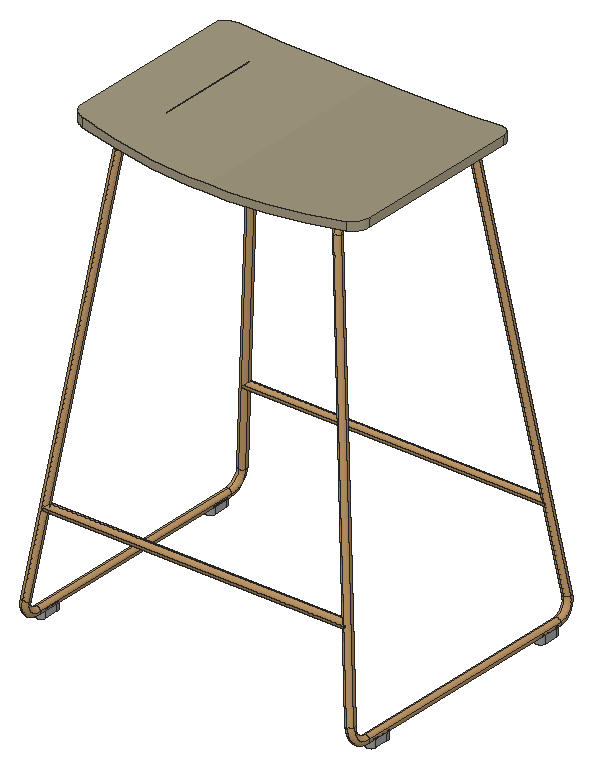
Revit family "FU_Stool_Sandler_Tao 4-1", category Furniture, Revit 2020
Family settings
  OmniClass Number = 23.40.20.00
  OmniClass Title = General Furniture and Specialties
  Work Plane-Based = No
  Always vertical = Yes
  Cut with Voids When Loaded = No
  Shared = No
  Room Calculation Point = No
Parameters (values of type "Tao 4.1")
  Width = 510 mm
  URL = "https://www.sandlerseating.com/product/tao-4-1/"
  Seat [instance] = Fabric - Mainline Flax - Tooting MLF17
  Model = "Tao 4.1"
  Manufacturer = "Sandler"
  Height = 680 mm
  Frame [instance] = Epoxy - M2_M38
  Description = "Upholstered counter stool with steel frame in chrome or lacquered finish. Upholstery available in cross, diamond or horizontal stitching at extra charge."
  Depth = 420 mm
  Default Elevation = 0 mm
Reference planes
  plane 1 "Center (Front/Back)": y = 0
  plane 2: z = 0
  plane 3 "Center (Left/Right)": x = 0
  plane 4 "Right": x = -255
  plane 5 "Left": x = 255
  plane 6 "Back": y = 210
  plane 7 "Front": y = -210
  plane 8 "Height": z = 680
  plane 9 "Frame C Base": z = 12.098
  plane 10 "Seat Base": z = 653.407
  plane 11 "BS C TOP": y = 172.622
  plane 12 "FS C TOP": y = -187.425
  plane 13 "FL C FRONT": through (246.736, -1524, 13.177) normal (-0.9914, 0, -0.1307)
Forms (mm)
  Sweep 1, solid, material "Fabric - Mainline Flax - Tooting MLF17" <- "Seat"
    path origin (0, 0, 653.407) x (-1, 0, 0) y (0, -1, 0)
      loop
        line (0, 179.804) -> (0, -165)
    profile "Pro_Tao_Seat : Pro_Tao_Seat" origin (0, -7.402, 653.407) x (-1, 0, 0) y (0, 0, 1)
      loop
        line (-231.362, 30.582) -> (-231.362, 18.333)
        arc (-231.362, 18.333) -> (0, 0) -> (231.362, 18.334) r 1469.024
        line (231.362, 18.334) -> (231.362, 30.582)
        arc (231.362, 30.582) -> (0, 12.103) -> (-231.362, 30.582) r 1457.593
  Sweep 2, solid, material "Epoxy - M2_M38" <- "Frame"
    path origin (0, -187.425, -126.522) x (-1, 0, 0) y (0, 0, 1)
      loop
        line (-227.5, 289.461) -> (227.5, 289.461)
    profile "Pro_Circles : 12mm" origin (0, -187.425, 162.939) x (0, 0, -1) y (0, -1, 0)
      loop
        arc (-5.967, 0.067) -> (-4.287, -4.192) -> (-0.067, -5.967) r 5.901
        arc (-0.067, -5.967) -> (4.24, -4.24) -> (5.967, 0.067) r 5.902
        arc (5.967, 0.067) -> (4.192, 4.286) -> (-0.067, 5.967) r 5.901
        arc (-0.067, 5.967) -> (-4.238, 4.238) -> (-5.967, 0.067) r 5.9
  Sweep 3, solid, material "Epoxy - M2_M38" <- "Frame"
    path origin (0, 187.426, -126.522) x (-1, 0, 0) y (0, 0, 1)
      loop
        line (-227.5, 289.461) -> (227.5, 289.461)
    profile "Pro_Circles : 12mm" origin (0, 187.426, 162.939) x (0, 0, 1) y (0, 1, 0)
      loop
        arc (5.967, 0.067) -> (4.238, 4.238) -> (0.067, 5.967) r 5.9
        arc (0.067, 5.967) -> (-4.192, 4.286) -> (-5.967, 0.067) r 5.901
        arc (-5.967, 0.067) -> (-4.24, -4.24) -> (0.067, -5.967) r 5.902
        arc (0.067, -5.967) -> (4.287, -4.192) -> (5.967, 0.067) r 5.901
  Extrusion 4, void
    sketch origin (0, 0, 653.407) x (-1, 0, 0) y (0, -1, 0)
      loop
        arc (216.834, 133.234) -> (210.563, 146.54) -> (197.426, 153.156) r 22.57
        arc (197.426, 153.156) -> (0, 166.465) -> (-197.426, 153.156) r 1470.945
        arc (-197.426, 153.156) -> (-210.563, 146.54) -> (-216.834, 133.234) r 22.57
        line (-216.834, 133.234) -> (-216.834, -118.431)
        arc (-216.834, -118.431) -> (-210.574, -131.725) -> (-197.457, -138.348) r 22.57
        arc (-197.457, -138.348) -> (0, -151.796) -> (197.457, -138.348) r 1456.276
        arc (197.457, -138.348) -> (210.574, -131.725) -> (216.834, -118.431) r 22.57
        line (216.834, -118.431) -> (216.834, 133.234)
      loop
        line (255, -210) -> (255, 210) -> (-255, 210) -> (-255, -210) -> (255, -210)
    from -5 to 40
  Extrusion 5, solid, material "Rubber, Black"
    sketch origin (0, 17.469, 0) x (1, 0, 0) y (0, 1, 0)
      loop
        arc (-240, -165.829) -> (-247.5, -158.329) -> (-255, -165.829) r 7.5
        line (-255, -165.829) -> (-255, -186.193)
        arc (-255, -186.193) -> (-247.5, -193.693) -> (-240, -186.193) r 7.5
        line (-240, -186.193) -> (-240, -165.829)
    from 0 to 12
  Extrusion 6, solid, material "Rubber, Black"
    sketch origin (0, 17.353, 0) x (-1, 0, 0) y (0, -1, 0)
      loop
        line (-240, 165.829) -> (-240, 186.193)
        arc (-240, 186.193) -> (-247.5, 193.693) -> (-255, 186.193) r 7.5
        line (-255, 186.193) -> (-255, 165.829)
        arc (-255, 165.829) -> (-247.5, 158.329) -> (-240, 165.829) r 7.5
    from 0 to 12
  Extrusion 7, solid, material "Rubber, Black"
    sketch origin (0, -2.436, 0) x (1, 0, 0) y (0, 1, 0)
      loop
        line (-240, 151.025) -> (-240, 171.39)
        arc (-240, 171.39) -> (-247.5, 178.89) -> (-255, 171.39) r 7.5
        line (-255, 171.39) -> (-255, 151.025)
        arc (-255, 151.025) -> (-247.5, 143.525) -> (-240, 151.025) r 7.5
    from 0 to 12
  Extrusion 8, solid, material "Rubber, Black"
    sketch origin (0, -2.436, 0) x (-1, 0, 0) y (0, -1, 0)
      loop
        arc (-240, -151.025) -> (-247.5, -143.525) -> (-255, -151.025) r 7.5
        line (-255, -151.025) -> (-255, -171.39)
        arc (-255, -171.39) -> (-247.5, -178.89) -> (-240, -171.39) r 7.5
        line (-240, -171.39) -> (-240, -151.025)
    from 0 to 12
  Sweep 9, solid, material "Epoxy - M2_M38" <- "Frame"
    path origin (244.227, 0, 32.204) x (0.130729, 0, -0.991418) y (0, -1, 0)
      loop
        arc (20.059, 179.232) -> (11.953, 197.215) -> (-6.889, 203.051) r 24
        line (-6.889, 203.051) -> (-613.143, 128.022)
        arc (-613.143, 128.022) -> (-625.672, 121.419) -> (-630.687, 108.174) r 20
        line (-630.687, 108.174) -> (-630.687, -108.174)
        arc (-630.687, -108.174) -> (-625.672, -121.419) -> (-613.143, -128.022) r 20
        line (-613.143, -128.022) -> (-6.889, -203.051)
        arc (-6.889, -203.051) -> (11.953, -197.215) -> (20.059, -179.232) r 24
        line (20.059, -179.232) -> (20.059, 179.232)
    profile "Pro_Circles : 12mm" origin (246.849, 0, 12.317) x (0.130729, 0, -0.991418) y (-0.991418, 0, -0.130729)
      loop
        arc (-5.967, 0.067) -> (-4.287, -4.192) -> (-0.067, -5.967) r 5.901
        arc (-0.067, -5.967) -> (4.24, -4.24) -> (5.967, 0.067) r 5.902
        arc (5.967, 0.067) -> (4.192, 4.286) -> (-0.067, 5.967) r 5.901
        arc (-0.067, 5.967) -> (-4.238, 4.238) -> (-5.967, 0.067) r 5.9
  Sweep 10, solid, material "Epoxy - M2_M38" <- "Frame"
    path origin (-244.227, 0, 32.204) x (-0.130729, 0, -0.991418) y (0, 1, 0)
      loop
        line (20.059, -179.232) -> (20.059, 179.232)
        arc (20.059, 179.232) -> (11.953, 197.215) -> (-6.889, 203.051) r 24
        line (-6.889, 203.051) -> (-613.143, 128.022)
        arc (-613.143, 128.022) -> (-625.672, 121.419) -> (-630.687, 108.174) r 20
        line (-630.687, 108.174) -> (-630.687, -108.174)
        arc (-630.687, -108.174) -> (-625.672, -121.419) -> (-613.143, -128.022) r 20
        line (-613.143, -128.022) -> (-6.889, -203.051)
        arc (-6.889, -203.051) -> (11.953, -197.215) -> (20.059, -179.232) r 24
    profile "Pro_Circles : 12mm" origin (-246.849, 0, 12.317) x (0.130729, 0, 0.991418) y (0.991418, 0, -0.130729)
      loop
        arc (5.967, 0.067) -> (4.238, 4.238) -> (0.067, 5.967) r 5.9
        arc (0.067, 5.967) -> (-4.192, 4.286) -> (-5.967, 0.067) r 5.901
        arc (-5.967, 0.067) -> (-4.24, -4.24) -> (0.067, -5.967) r 5.902
        arc (0.067, -5.967) -> (4.287, -4.192) -> (5.967, 0.067) r 5.901
Cuts and joins
  Extrusion 4 cuts Sweep 1
Lines and regions (mm)
  reference lines
    curve 1: line (240.106, 0, 13.177) -> (253.365, 0, 13.177)
    curve 2: line (155.679, 0, 653.407) -> (168.95, 0, 653.407)
    curve 3: line (243.569, -210, 37.195) -> (243.775, -196.756, 35.628)
    curve 4: line (247.668, -181.547, 6.109) -> (245.981, -181.547, 18.902)
    curve 5: line (164.145, -134.707, 639.526) -> (164.349, -121.67, 637.983)
    curve 6: line (162.618, -106.461, 651.11) -> (160.938, -106.461, 663.846)
Dimensions and locks
  equal spacing: plane 4 "Right", plane 3 "Center (Left/Right)", plane 5 "Left"
  "Width": plane 4 "Right" to plane 5 "Left"
  equal spacing: plane 6 "Back", plane 1 "Center (Front/Back)", plane 7 "Front"
  "Depth": plane 6 "Back" to plane 7 "Front"
  "Height": plane 8 "Height" to level
  plane 9 "Frame C Base" to level = 12.098 mm
  locked: plane 8 "Height" to plane 10 "Seat Base" at 26.593
  aligned and locked: level to plane 2
Automatic sketch dimensions
  curve 2 to plane 10 "Seat Base" = 0 mm
  plane 5 "Left" to curve 2 = 99.321 mm
  curve 2 to curve 2 = 13.271 mm
  plane 9 "Frame C Base" to curve 1 = 1.079 mm
  plane 5 "Left" to curve 1 = 14.894 mm
  plane 5 "Left" to curve 1 = 1.635 mm
  Sweep 1 sketch curve to plane 3 "Center (Left/Right)" = 0 mm
  Sweep 1 sketch curve to plane 11 "BS C TOP" = 7.622 mm
  Sweep 1 sketch curve to plane 12 "FS C TOP" = 7.622 mm
  Sweep 2 sketch curve to plane 5 "Left" = 27.5 mm
  plane 4 "Right" to Sweep 2 sketch curve = 27.5 mm
  Sweep 2 sketch curve to plane 9 "Frame C Base" = 150.841 mm
  plane 5 "Left" to Sweep 3 sketch curve = 27.5 mm
  Sweep 3 sketch curve to plane 4 "Right" = 27.5 mm
  plane 9 "Frame C Base" to Sweep 3 sketch curve = 150.841 mm
  Extrusion 4 sketch curve to plane 5 "Left" = 0 mm
  Extrusion 4 sketch curve to plane 3 "Center (Left/Right)" = 0 mm  (x2)
  Extrusion 4 sketch curve to plane 4 "Right" = 0 mm
  Extrusion 4 sketch curve to plane 6 "Back" = 0 mm
  Extrusion 4 sketch curve to plane 7 "Front" = 0 mm
  plane 5 "Left" to Extrusion 4 sketch curve = 38.166 mm
  Extrusion 4 sketch curve to Extrusion 4 sketch curve = 22.437 mm  (x3)
  Extrusion 4 sketch curve to plane 4 "Right" = 60.603 mm  (x2)
  plane 6 "Back" to Extrusion 4 sketch curve = 1094.48 mm
  Extrusion 4 sketch curve to plane 11 "BS C TOP" = 54.191 mm  (x2)
  Extrusion 4 sketch curve to Extrusion 4 sketch curve = 2.445 mm  (x4)
  Extrusion 4 sketch curve to plane 12 "FS C TOP" = 56.636 mm  (x2)
  Extrusion 4 sketch curve to plane 7 "Front" = 1094.48 mm
  Extrusion 4 sketch curve to Extrusion 4 sketch curve = 0 mm  (x2)
  Extrusion 5 sketch curve to plane 4 "Right" = 0 mm
  Extrusion 5 sketch curve to Extrusion 5 sketch curve = 7.5 mm
  Extrusion 5 sketch curve to plane 12 "FS C TOP" = 18.701 mm
  Extrusion 5 sketch curve to Extrusion 5 sketch curve = 20.364 mm
  Extrusion 6 sketch curve to plane 5 "Left" = 0 mm
  Extrusion 6 sketch curve to Extrusion 6 sketch curve = 7.5 mm
  plane 12 "FS C TOP" to Extrusion 6 sketch curve = 18.585 mm
  Extrusion 6 sketch curve to Extrusion 6 sketch curve = 20.364 mm
  Extrusion 7 sketch curve to plane 4 "Right" = 0 mm
  plane 11 "BS C TOP" to Extrusion 7 sketch curve = 3.669 mm
  plane 4 "Right" to Extrusion 7 sketch curve = 7.5 mm
  Extrusion 7 sketch curve to Extrusion 7 sketch curve = 20.364 mm
  Extrusion 8 sketch curve to plane 5 "Left" = 0 mm
  Extrusion 8 sketch curve to plane 11 "BS C TOP" = 3.669 mm
  Extrusion 8 sketch curve to Extrusion 8 sketch curve = 7.5 mm
  Extrusion 8 sketch curve to Extrusion 8 sketch curve = 20.364 mm
  plane 7 "Front" to curve 3 = 0 mm
  curve 6 to plane 12 "FS C TOP" = 80.964 mm
  curve 6 to curve 6 = 12.847 mm
  curve 5 to plane 12 "FS C TOP" = 52.719 mm
  curve 6 to curve 5 = 11.684 mm
  curve 5 to plane 12 "FS C TOP" = 65.755 mm
  curve 5 to curve 5 = 1.556 mm
  curve 5 to curve 3 = 607.544 mm
  plane 12 "FS C TOP" to curve 3 = 9.331 mm
  curve 3 to curve 3 = 1.581 mm
  curve 4 to plane 12 "FS C TOP" = 5.879 mm
  curve 3 to curve 4 = 16.87 mm
  curve 4 to curve 4 = 12.904 mm
  Sweep 9 sketch curve to plane 11 "BS C TOP" = 64.448 mm
  Sweep 9 sketch curve to plane 12 "FS C TOP" = 59.403 mm
  Sweep 9 sketch curve to Sweep 9 sketch curve = 17.544 mm  (x2)
  Sweep 9 sketch curve to plane 11 "BS C TOP" = 44.599 mm
  Sweep 9 sketch curve to Sweep 9 sketch curve = 2.456 mm
  plane 7 "Front" to Sweep 9 sketch curve = 6.949 mm
  Sweep 9 sketch curve to Sweep 9 sketch curve = 606.254 mm
  Sweep 9 sketch curve to plane 6 "Back" = 6.949 mm
  Sweep 9 sketch curve to Sweep 9 sketch curve = 0 mm
  Sweep 9 sketch curve to plane 12 "FS C TOP" = 8.193 mm
  Sweep 9 sketch curve to Sweep 9 sketch curve = 2.948 mm
  plane 11 "BS C TOP" to Sweep 9 sketch curve = 6.611 mm
  Sweep 10 sketch curve to plane 11 "BS C TOP" = 64.448 mm
  Sweep 10 sketch curve to plane 12 "FS C TOP" = 59.403 mm
  Sweep 10 sketch curve to Sweep 10 sketch curve = 17.544 mm  (x2)
  Sweep 10 sketch curve to plane 11 "BS C TOP" = 44.599 mm
  Sweep 10 sketch curve to Sweep 10 sketch curve = 20 mm
  plane 7 "Front" to Sweep 10 sketch curve = 6.949 mm
  Sweep 10 sketch curve to Sweep 10 sketch curve = 606.254 mm
  Sweep 10 sketch curve to plane 6 "Back" = 6.949 mm
  Sweep 10 sketch curve to Sweep 10 sketch curve = 0 mm
  Sweep 10 sketch curve to plane 12 "FS C TOP" = 8.193 mm
  Sweep 10 sketch curve to Sweep 10 sketch curve = 2.948 mm
  plane 11 "BS C TOP" to Sweep 10 sketch curve = 6.611 mm
